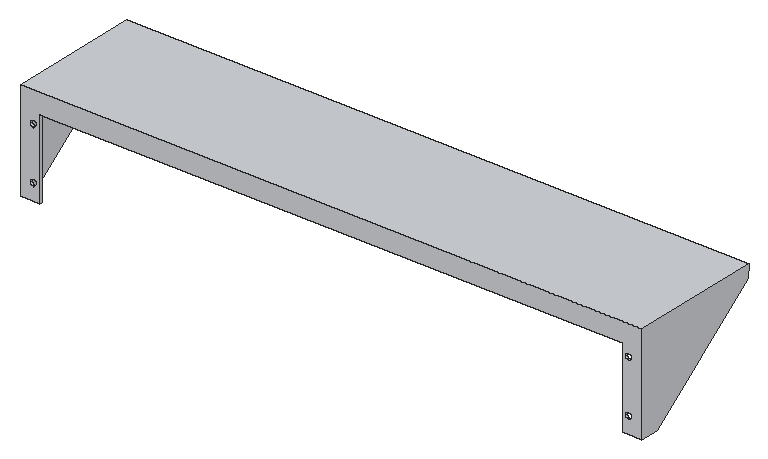
Revit family "AX4905X600_0011", category Appareils sanitaires, Revit 2016
Family settings
  Hôte = Mur
  Type d'élément = Normal
  Cote de connecteur circulaire = Utiliser le diamètre
  Numéro OmniClass = 23.75.00.00
  Titre OmniClass = Climate Control (HVAC)
  Toujours verticalement = Oui
  Couper avec des vides une fois chargée = Non
  Partagée = Non
  Point de calcul de pièce = Non
Parameters (values of type "Type 1")
  URL = "http://www.axeuro.com/fr/tablettes/25311-tablette-ax4905x600.html?search_query=ax4905x600&results=1"
  Modèle = "AX4905X600"  # constant formula
  Matériaux = "En inox 304 (18/10) Bactériostatique"  # constant formula
  Finition = "Brossé Poli Satiné HyperPolish"  # constant formula
  Fabricant = "Axeuro"  # constant formula
  Description = "Tablette"  # constant formula
Reference planes
  plane 1 "Mur": y = 0
  plane 2 "Centre (gauche/droite)": x = 0
  plane 3 "Arrière": y = 75
Forms (mm)
  Extrusion 1, solid
    sketch origin (50, 0, 0) x (0, 1, 0) y (0, 0, 1)
      loop
        line (75, 1259.653) -> (75, 1163.635) -> (93.188, 1163.635) -> (203.008, 1246.755) -> (203.008, 1259.653) -> (75, 1259.653)
    from -350 to 250
  Extrusion 2, void
    sketch origin (2.349, 0, -53.736) x (1, 0, 0) y (0, 0, 1)
      loop
        circle (-289.349, 1233.382) r 3.15
    from -76.749 to -75
  Extrusion 3, void
    sketch origin (2.349, 0, -2.641) x (1, 0, 0) y (0, 0, 1)
      loop
        circle (-289.349, 1233.382) r 3.15
    from -76.749 to -75
  Extrusion 4, void
    sketch origin (-2.349, 0, -53.736) x (-1, 0, 0) y (0, 0, -1)
      loop
        circle (-289.349, -1233.382) r 3.15
    from -76.749 to -75
  Extrusion 5, void
    sketch origin (-2.349, 0, -2.641) x (-1, 0, 0) y (0, 0, -1)
      loop
        circle (-289.349, -1233.382) r 3.15
    from -76.749 to -75
  Extrusion 6, void
    sketch origin (0, 0, 0) x (0, 1, 0) y (0, 0, 1)
      loop
        line (203.008, 1246.755) -> (201.288, 1246.755) -> (201.288, 1256.857) -> (76.721, 1256.857) -> (76.721, 1163.635) -> (203.008, 1163.635) -> (203.008, 1246.755)
    from -298.275 to 298.269
  Extrusion 7, void
    sketch origin (0, 75, 0) x (1, 0, 0) y (0, 0, 1)
      loop
        line (280.973, 1163.635) -> (280.973, 1240.653) -> (-280.929, 1240.653) -> (-280.929, 1163.635) -> (280.973, 1163.635)
    from -128.008 to 0
Cuts and joins
  Extrusion 2, Extrusion 3, Extrusion 4, Extrusion 5, Extrusion 6, Extrusion 7 cuts Extrusion 1
Lines and regions (mm)
  reference lines
    curve 1: line (242.373, 75, 0) -> (242.373, 76.749, 0)
    curve 2: line (0, 75, 1253.665) -> (0, 76.721, 1253.665)
Text (mm)
  text "Côté de la mise en place" at (-1820.995, 1116.779, 0), in view "Niveau de réf."
  text "Côté de la mise en place" at (0, 1334.055, 2976.191), in view "Gauche"
  text "Côté de la mise en place" at (0, 439.194, 2944.362), in view "Droite"
Dimensions and locks
  locked: plane 3 "Arrière" to host wall
  aligned and locked: plane 1 "Mur" to host wall
